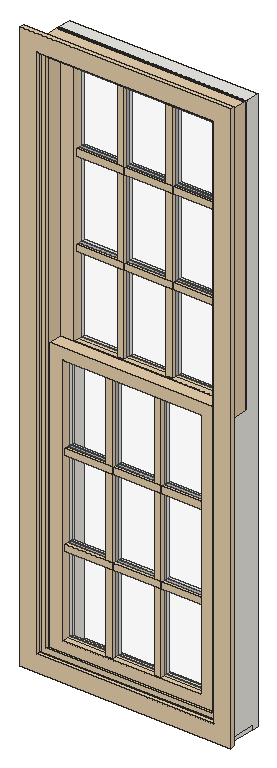
Revit family "Window-Double_Hung-Andersen-400_Series-Tilt_Wash", category Windows, host Wall, Revit 2019 (continued)
Dimensions and locks (in)
  aligned and locked: plane 77 "Sash1 S1" to cut or joined group of Extrusion 9, Extrusion 15  (x2)
  aligned and locked: plane 65 "B Check Rail" to curve 91
  aligned and locked: curve 92 to plane 77 "Sash1 S1"
  aligned and locked: Masking region 2 sketch curve to plane 85 "B Sill Drop"
  aligned and locked: Extrusion 16 sketch curve to plane 85 "B Sill Drop"
  aligned and locked: Extrusion 16 sketch curve to plane 50 "Frame S1"
  aligned and locked: plane 78 "Frame S1.1" to Extrusion 16 sketch curve  (x2)
  aligned and locked: Extrusion 16 sketch curve to plane 6 "B Frame"
  aligned and locked: Extrusion 16 sketch curve to curve 165
  aligned and locked: Extrusion 16 sketch curve to curve 162
  aligned and locked: Extrusion 16 sketch curve to curve 50
  aligned and locked: Masking region 1 to Extrusion 16 sketch curve
  aligned and locked: plane 58 "Glass2 S1" to Extrusion 16 sketch curve
  aligned and locked: Extrusion 16 to plane 5 "L Frame"
  aligned and locked: plane 4 "R Frame" to Extrusion 16
  aligned and locked: cut or joined group of Extrusion 10, Extrusion 12 to Extrusion 17 sketch curve
  aligned and locked: Extrusion 17 sketch curve to plane 42 "B Int Frame"
  aligned and locked: Extrusion 17 sketch curve to plane 63 "Frame S2"  (x2)
  aligned and locked: Extrusion 17 sketch curve to Masking region 1
  aligned and locked: Extrusion 17 to plane 5 "L Frame"
  aligned and locked: plane 4 "R Frame" to Extrusion 17
  aligned and locked: Extrusion 18 sketch curve to plane 4 "R Frame"
  aligned and locked: Extrusion 18 sketch curve to plane 50 "Frame S1"
  aligned and locked: plane 81 "R Ext Frame2" to Extrusion 18 sketch curve
  aligned and locked: Extrusion 16 to Extrusion 18 sketch curve
  aligned and locked: Extrusion 18 sketch curve to plane 79 "Frame S1.2"
  aligned and locked: plane 19 "R Ext Frame" to Extrusion 18 sketch curve
  aligned and locked: plane 58 "Glass2 S1" to Extrusion 18 sketch curve
  aligned and locked: Extrusion 18 sketch curve to plane 5 "L Frame"
  aligned and locked: plane 50 "Frame S1" to Extrusion 18 sketch curve
  aligned and locked: plane 83 "L Ext Frame2" to Extrusion 18 sketch curve
  aligned and locked: Extrusion 18 sketch curve to Extrusion 16
  aligned and locked: plane 79 "Frame S1.2" to Extrusion 18 sketch curve
  aligned and locked: plane 9 "L Ext Frame" to Extrusion 18 sketch curve
  aligned and locked: Extrusion 18 sketch curve to plane 58 "Glass2 S1"
  aligned and locked: plane 6 "B Frame" to Extrusion 18
  aligned and locked: Extrusion 18 to plane 66 "Check Rail"
  aligned and locked: Extrusion 16 sketch curve to plane 7 "T Frame"
  aligned and locked: plane 50 "Frame S1" to Extrusion 16 sketch curve
  aligned and locked: plane 30 "T Ext Frame" to Extrusion 16 sketch curve
  aligned and locked: plane 84 "T Ext Frame1" to Extrusion 16 sketch curve
  aligned and locked: plane 52 "Glass1 S1" to Extrusion 17 sketch curve
  aligned and locked: Extrusion 17 sketch curve to plane 7 "T Frame"
  aligned and locked: plane 31 "T Int Frame" to Extrusion 17 sketch curve
  aligned and locked: plane 62 "Sash2 S2" to Extrusion 17 sketch curve  (x2)
  aligned and locked: plane 32 "T Xjamb 1" to Extrusion 17 sketch curve
  aligned and locked: Extrusion 17 sketch curve to curve 50
  aligned and locked: plane 4 "R Frame" to Extrusion 19 sketch curve
  aligned and locked: Extrusion 19 sketch curve to plane 63 "Frame S2"
  aligned and locked: Extrusion 19 sketch curve to plane 20 "R Int Frame"
  aligned and locked: Extrusion 19 sketch curve to plane 62 "Sash2 S2"
  aligned and locked: plane 58 "Glass2 S1" to Extrusion 19 sketch curve
  aligned and locked: Extrusion 19 sketch curve to plane 58 "Glass2 S1"
  aligned and locked: plane 62 "Sash2 S2" to Extrusion 19 sketch curve
  aligned and locked: Extrusion 19 sketch curve to plane 10 "L Int Frame"
  aligned and locked: plane 63 "Frame S2" to Extrusion 19 sketch curve
  aligned and locked: plane 5 "L Frame" to Extrusion 19 sketch curve
  aligned and locked: plane 41 "B Ext Frame" to Extrusion 19
  aligned and locked: Extrusion 19 to plane 66 "Check Rail"
  aligned and locked: Extrusion 20 sketch curve to plane 4 "R Frame"
  aligned and locked: Extrusion 20 sketch curve to plane 50 "Frame S1"  (x2)
  aligned and locked: plane 81 "R Ext Frame2" to Extrusion 20 sketch curve
  aligned and locked: Extrusion 16 to Extrusion 20 sketch curve  (x2)
  aligned and locked: Extrusion 20 sketch curve to Extrusion 18  (x2)
  aligned and locked: Extrusion 20 sketch curve to plane 79 "Frame S1.2"  (x2)
  aligned and locked: plane 19 "R Ext Frame" to Extrusion 20 sketch curve
  aligned and locked: Extrusion 20 sketch curve to plane 83 "L Ext Frame2"
  aligned and locked: plane 5 "L Frame" to Extrusion 20 sketch curve
  aligned and locked: Extrusion 20 sketch curve to plane 9 "L Ext Frame"
  aligned and locked: plane 66 "Check Rail" to Extrusion 20
  aligned and locked: Extrusion 20 to plane 7 "T Frame"
  aligned and locked: plane 77 "Sash1 S1" to Extrusion 20 sketch curve  (x2)
  aligned and locked: plane 77 "Sash1 S1" to Extrusion 18 sketch curve
  aligned and locked: Extrusion 18 sketch curve to plane 77 "Sash1 S1"
  aligned and locked: plane 82 "L Ext Frame1" to Extrusion 18 sketch curve
  aligned and locked: plane 80 "R Ext Frame1" to Extrusion 18 sketch curve
  aligned and locked: plane 82 "L Ext Frame1" to Extrusion 11 sketch curve
  aligned and locked: Extrusion 11 sketch curve to plane 80 "R Ext Frame1"
  aligned and locked: Extrusion 16 sketch curve to plane 77 "Sash1 S1"
  aligned and locked: cut or joined group of Extrusion 9, Extrusion 15 to plane 82 "L Ext Frame1"
  aligned and locked: plane 80 "R Ext Frame1" to cut or joined group of Extrusion 9, Extrusion 15
  aligned and locked: plane 82 "L Ext Frame1" to Extrusion 9 sketch curve
  aligned and locked: Extrusion 9 sketch curve to plane 80 "R Ext Frame1"
  aligned and locked: Extrusion 21 sketch curve to plane 52 "Glass1 S1"  (x2)
  aligned and locked: Extrusion 21 sketch curve to plane 4 "R Frame"
  aligned and locked: plane 63 "Frame S2" to Extrusion 21 sketch curve  (x2)
  aligned and locked: plane 20 "R Int Frame" to Extrusion 21 sketch curve
  aligned and locked: plane 62 "Sash2 S2" to Extrusion 21 sketch curve  (x2)
  aligned and locked: plane 80 "R Ext Frame1" to Extrusion 21 sketch curve
  aligned and locked: Extrusion 21 sketch curve to plane 82 "L Ext Frame1"
  aligned and locked: Extrusion 21 sketch curve to plane 10 "L Int Frame"
  aligned and locked: plane 5 "L Frame" to Extrusion 21 sketch curve
  aligned and locked: plane 66 "Check Rail" to Extrusion 21
  aligned and locked: Extrusion 21 to plane 7 "T Frame"
  aligned and locked: Extrusion 19 sketch curve to plane 82 "L Ext Frame1"
  aligned and locked: Extrusion 19 sketch curve to plane 80 "R Ext Frame1"
  aligned and locked: plane 80 "R Ext Frame1" to Extrusion 8 sketch curve
  aligned and locked: Extrusion 8 sketch curve to plane 82 "L Ext Frame1"
  aligned and locked: plane 80 "R Ext Frame1" to cut or joined group of Extrusion 10, Extrusion 12
  aligned and locked: cut or joined group of Extrusion 10, Extrusion 12 to plane 82 "L Ext Frame1"
  aligned and locked: Extrusion 10 sketch curve to plane 82 "L Ext Frame1"
  aligned and locked: plane 80 "R Ext Frame1" to Extrusion 10 sketch curve
  aligned and locked: Extrusion 22 sketch curve to plane 5 "L Frame"
  aligned and locked: plane 85 "B Sill Drop" to Extrusion 22 sketch curve
  aligned and locked: plane 4 "R Frame" to Extrusion 22 sketch curve
  aligned and locked: Extrusion 22 sketch curve to plane 66 "Check Rail"  (x2)
  aligned and locked: plane 9 "L Ext Frame" to Extrusion 22 sketch curve
  aligned and locked: Extrusion 22 sketch curve to plane 41 "B Ext Frame"
  aligned and locked: Extrusion 22 sketch curve to plane 19 "R Ext Frame"
  aligned and locked: Extrusion 22 to plane 58 "Glass2 S1"
  aligned and locked: plane 50 "Frame S1" to Extrusion 22
  aligned and locked: Extrusion 23 sketch curve to plane 66 "Check Rail"  (x2)
  aligned and locked: Extrusion 23 sketch curve to plane 4 "R Frame"
  aligned and locked: plane 7 "T Frame" to Extrusion 23 sketch curve
  aligned and locked: plane 5 "L Frame" to Extrusion 23 sketch curve
  aligned and locked: Extrusion 23 sketch curve to plane 9 "L Ext Frame"
  aligned and locked: Extrusion 23 sketch curve to plane 84 "T Ext Frame1"
  aligned and locked: plane 19 "R Ext Frame" to Extrusion 23 sketch curve
  aligned and locked: Extrusion 23 to plane 52 "Glass1 S1"
  aligned and locked: plane 50 "Frame S1" to Extrusion 23
  aligned and locked: plane 36 "T Casing 2" to curve 2
  aligned and locked: plane 37 "T Casing 3" to curve 1
  aligned and locked: plane 48 "Casing S1" to curve 1
Automatic sketch dimensions
  curve 12 to curve 12 = 0' - 1 1/2"
  curve 15 to curve 15 = 0' - 1 1/2"
  curve 14 to curve 14 = 0' - 1 1/2"
  curve 17 to curve 17 = 0' - 1 1/2"
  curve 118 to curve 118 = 0' - 1 1/2"
  curve 52 to curve 51 = 0' - 0 5/16"
  curve 51 to curve 53 = 0' - 0 5/8"
  curve 53 to curve 56 = 0' - 0 5/8"
  curve 56 to curve 167 = 0' - 0 1/8"
  curve 55 to curve 159 = 0' - 0 11/32"
  curve 157 to curve 165 = 0' - 3.60815"
  curve 52 to curve 52 = 0' - 0 3/16"  (x2)
  curve 53 to curve 70 = 0' - 0 1/8"
  curve 70 to curve 56 = 0' - 0 1/8"  (x2)
  curve 162 to curve 165 = 0' - 0.39185"
  curve 162 to curve 162 = 0' - 0 13/32"
  curve 50 to curve 51 = 0' - 1.30328"
  curve 50 to curve 161 = 0' - 0.78173"
  curve 161 to curve 159 = 0' - 0.4663"
  curve 167 to curve 54 = 0' - 0.30345"
  curve 55 to curve 159 = 0' - 0.07155"
  curve 58 to curve 57 = 0' - 0 7/16"
  curve 54 to curve 53 = 0' - 0.50905"
  curve 57 to curve 57 = 0' - 0.1587"
  curve 53 to curve 56 = 0' - 0"
  curve 165 to curve 162 = 0' - 0.10248"
  curve 68 to curve 56 = 0' - 0"
  curve 53 to curve 69 = 0' - 0"
  curve 61 to curve 60 = 0' - 0 5/16"
  curve 60 to curve 62 = 0' - 0 5/8"
  curve 62 to curve 65 = 0' - 0 5/8"
  curve 65 to curve 168 = 0' - 0 1/8"
  curve 64 to curve 160 = 0' - 0 11/32"
  curve 158 to curve 166 = 0' - 3.60815"
  curve 61 to curve 61 = 0' - 0 3/16"  (x2)
  curve 62 to curve 73 = 0' - 0 1/8"
  curve 73 to curve 65 = 0' - 0 1/8"  (x2)
  curve 164 to curve 166 = 0' - 0.39185"
  curve 164 to curve 164 = 0' - 0 13/32"
  curve 59 to curve 60 = 0' - 1.30328"
  curve 59 to curve 163 = 0' - 0.78173"
  curve 163 to curve 160 = 0' - 0.4663"
  curve 168 to curve 63 = 0' - 0.30345"
  curve 64 to curve 160 = 0' - 0.07155"
  curve 67 to curve 66 = 0' - 0 7/16"
  curve 63 to curve 62 = 0' - 0.50905"
  curve 66 to curve 66 = 0' - 0.1587"
  curve 62 to curve 65 = 0' - 0"
  curve 166 to curve 164 = 0' - 0.10248"
  curve 71 to curve 65 = 0' - 0"
  curve 62 to curve 72 = 0' - 0"
  curve 30 to curve 155 = 0' - 0 7/32"
  curve 29 to curve 23 = 0' - 1 15/16"
  curve 22 to curve 21 = 0' - 0 5/8"
  curve 21 to curve 19 = 0' - 0 5/8"
  curve 19 to curve 152 = 0' - 0 1/8"
  curve 152 to curve 151 = 0' - 0 7/32"
  curve 27 to curve 25 = 0' - 1 1/32"
  curve 30 to curve 30 = 0' - 0 9/32"  (x2)
  curve 21 to curve 46 = 0' - 0 1/8"
  curve 46 to curve 18 = 0' - 0 1/8"
  curve 24 to curve 24 = 0' - 0 13/16"
  curve 22 to curve 18 = 0' - 0"
  curve 18 to curve 27 = 0' - 0 5/32"
  curve 21 to curve 22 = 0' - 0 5/32"
  curve 21 to curve 20 = 0' - 0 5/8"
  curve 20 to curve 151 = 0' - 0 1/4"
  curve 22 to curve 155 = 0' - 0 3/4"
  curve 25 to curve 24 = 0' - 0 5/16"
  curve 29 to curve 28 = 0' - 0 21/32"
  curve 21 to curve 45 = 0' - 0"
  curve 44 to curve 18 = 0' - 0"
  curve 45 to curve 46 = 0' - 0 1/8"
  curve 152 to curve 26 = 0' - 0 1/8"
  curve 43 to curve 156 = 0' - 0 7/32"
  curve 42 to curve 36 = 0' - 1 15/16"
  curve 35 to curve 34 = 0' - 0 5/8"
  curve 34 to curve 32 = 0' - 0 5/8"
  curve 32 to curve 154 = 0' - 0 1/8"
  curve 154 to curve 153 = 0' - 0 7/32"
  curve 40 to curve 38 = 0' - 1 1/32"
  curve 43 to curve 43 = 0' - 0 9/32"  (x2)
  curve 34 to curve 49 = 0' - 0 1/8"
  curve 49 to curve 31 = 0' - 0 1/8"
  curve 37 to curve 37 = 0' - 0 13/16"
  curve 35 to curve 31 = 0' - 0"
  curve 31 to curve 40 = 0' - 0 5/32"
  curve 34 to curve 35 = 0' - 0 5/32"
  curve 34 to curve 33 = 0' - 0 5/8"
  curve 33 to curve 153 = 0' - 0 1/4"
  curve 35 to curve 156 = 0' - 0 3/4"
  curve 38 to curve 37 = 0' - 0 5/16"
  curve 42 to curve 41 = 0' - 0 21/32"
  curve 34 to curve 48 = 0' - 0"
  curve 47 to curve 31 = 0' - 0"
  curve 48 to curve 49 = 0' - 0 1/8"
  curve 154 to curve 39 = 0' - 0 1/8"
  curve 128 to curve 133 = 0' - 0 13/16"
  curve 131 to curve 135 = 0' - 0 7/32"
  curve 129 to curve 130 = 0' - 0 7/16"
  curve 132 to curve 134 = 0' - 0 1/8"
  curve 122 to curve 121 = 0' - 0 5/8"
  curve 120 to curve 119 = 0' - 0 5/8"
  curve 119 to curve 148 = 0' - 0 11/32"
  curve 147 to curve 141 = 0' - 0 11/32"
  curve 141 to curve 138 = 0' - 0 5/8"
  curve 139 to curve 150 = 0' - 0 5/8"
  curve 137 to curve 150 = 0' - 0.21984"
  curve 127 to curve 127 = 0' - 0 13/16"
  curve 123 to curve 126 = 0' - 0 1/8"
  curve 125 to curve 121 = 0' - 0 1/8"
  curve 119 to curve 145 = 0' - 0 9/16"
  curve 141 to curve 144 = 0' - 0 1/8"
  curve 143 to curve 138 = 0' - 0 1/8"
  curve 149 to curve 149 = 0' - 0.28016"
  curve 127 to curve 128 = 0' - 0.27468"
  curve 128 to curve 149 = 0' - 0.25657"
  curve 128 to curve 131 = 0' - 0.31907"
  curve 129 to curve 132 = 0' - 0 3/16"
  curve 129 to curve 133 = 0' - 0 15/32"
  curve 131 to curve 136 = 0' - 0 9/16"
  curve 145 to curve 148 = 0' - 0 27/32"
  curve 123 to curve 121 = 0' - 0 9/32"
  curve 146 to curve 140 = 0' - 0 9/32"
  curve 121 to curve 119 = 0' - 0 7/16"
  curve 139 to curve 138 = 0' - 0 7/16"
  curve 122 to curve 136 = 0' - 0 7/16"
  curve 147 to curve 119 = 0' - 0"
  curve 135 to curve 135 = 0' - 0.15312"
  curve 147 to curve 147 = 0' - 0.15312"
  curve 121 to curve 120 = 0' - 0 19/32"
  curve 139 to curve 139 = 0' - 0 19/32"
  curve 149 to curve 149 = 0' - 0.33388"
  curve 144 to curve 141 = 0' - 0.12187"
  curve 126 to curve 120 = 0' - 0 1/8"
  curve 144 to curve 143 = 0' - 0 1/8"
  curve 144 to curve 142 = 0' - 0 1/8"
  curve 126 to curve 124 = 0' - 0 1/8"
  curve 126 to curve 125 = 0' - 0 1/8"
  curve 13 to curve 13 = 0' - 0 11/32"
  curve 13 to curve 13 = 0' - 0 5/32"
  curve 16 to curve 16 = 0' - 0 11/32"
  curve 16 to curve 16 = 0' - 0 5/32"
  curve 74 to curve 75 = 0' - 0 5/8"
  curve 76 to curve 78 = 0' - 0 5/8"
  curve 78 to curve 80 = 0' - 0 11/32"
  curve 85 to curve 170 = 0' - 0 5/8"
  curve 84 to curve 91 = 0' - 0 1/8"
  curve 169 to curve 92 = 0' - 0 7/32"
  curve 75 to curve 82 = 0' - 0 1/8"
  curve 81 to curve 78 = 0' - 0 1/8"
  curve 85 to curve 89 = 0' - 0 1/8"
  curve 88 to curve 84 = 0' - 0 1/8"
  curve 75 to curve 78 = 0' - 0"
  curve 75 to curve 74 = 0' - 0 5/32"
  curve 91 to curve 170 = 0' - 0 5/8"
  curve 78 to curve 77 = 0' - 0.66775"
  curve 84 to curve 85 = 0' - 0.18125"
  curve 76 to curve 74 = 0' - 0.70725"
  curve 75 to curve 82 = 0' - 0"
  curve 81 to curve 78 = 0' - 0"
  curve 81 to curve 83 = 0' - 0 1/8"
  curve 85 to curve 92 = 0' - 0.5375"
  curve 90 to curve 86 = 0' - 0 1/8"
  curve 90 to curve 89 = 0' - 0 1/8"
  curve 90 to curve 88 = 0' - 0 1/8"
  curve 88 to curve 84 = 0' - 0"
  curve 80 to curve 93 = 0' - 0.56375"
  curve 87 to curve 85 = 0' - 0.405"
  curve 87 to curve 87 = 0' - 0 1/8"
  curve 94 to curve 95 = 0' - 0 5/8"
  curve 96 to curve 98 = 0' - 0 5/8"
  curve 98 to curve 100 = 0' - 0 11/32"
  curve 105 to curve 172 = 0' - 0 5/8"
  curve 104 to curve 111 = 0' - 0 1/8"
  curve 171 to curve 112 = 0' - 0 7/32"
  curve 95 to curve 102 = 0' - 0 1/8"
  curve 101 to curve 98 = 0' - 0 1/8"
  curve 105 to curve 109 = 0' - 0 1/8"
  curve 108 to curve 104 = 0' - 0 1/8"
  curve 95 to curve 98 = 0' - 0"
  curve 95 to curve 94 = 0' - 0 5/32"
  curve 111 to curve 172 = 0' - 0 5/8"
  curve 98 to curve 97 = 0' - 0.66775"
  curve 104 to curve 105 = 0' - 0.18125"
  curve 96 to curve 94 = 0' - 0.70725"
  curve 95 to curve 102 = 0' - 0"
  curve 101 to curve 98 = 0' - 0"
  curve 101 to curve 103 = 0' - 0 1/8"
  curve 105 to curve 112 = 0' - 0.5375"
  curve 110 to curve 106 = 0' - 0 1/8"
  curve 110 to curve 109 = 0' - 0 1/8"
  curve 110 to curve 108 = 0' - 0 1/8"
  curve 108 to curve 104 = 0' - 0"
  curve 100 to curve 113 = 0' - 0.56375"
  curve 107 to curve 105 = 0' - 0.405"
  curve 107 to curve 107 = 0' - 0 1/8"
  plane 85 "B Sill Drop" to Masking region 1 sketch curve = 0' - 0"
  plane 52 "Glass1 S1" to Masking region 1 sketch curve = 0' - 0.0989"
  Masking region 1 sketch curve to plane 46 "B Int Casing" = 0' - 0.80279"
  Masking region 1 sketch curve to plane 78 "Frame S1.1" = 0' - 0 5/32"
  Extrusion 15 sketch curve to plane 77 "Sash1 S1" = 0' - 0"
  Extrusion 18 sketch curve to plane 80 "R Ext Frame1" = 0' - 0"
  Extrusion 18 sketch curve to plane 82 "L Ext Frame1" = 0' - 0"
  plane 20 "R Int Frame" to Extrusion 18 sketch curve = 0' - 0.25657"
  Extrusion 18 sketch curve to plane 10 "L Int Frame" = 0' - 0.25657"
Nested families (in)
  nested 1: "Andersen Grille Bar" at (0, 0.75, 63.09375) x (-1, 0, 0) z (0, 1, 0), Center Line <- "Bar Center Line", Bar Length <- "TS V Bar Length", Bar Width <- "Grille Bar Size", visible <- "TS S V", type "Andersen Grille Bar"
    with Glass / 2 0' - 0 1/8", Glass 0' - 0 5/8", Center Line Length 2' - 10 5/16", Center Line 2, Bar Width 0' - 0 7/8", Bar Length 2' - 10 5/16"
  nested 2: "Andersen Grille Bar" at (0, -1.1875, 27.28125) x (-1, 0, 0) z (0, 1, 0), Bar Length <- "BS V DLO", Bar Width <- "Grille Bar Size", visible <- "BS S V", type "Andersen Grille Bar"
    with Glass / 2 0' - 0 1/8", Glass 0' - 0 5/8", Center Line Length 2' - 10 5/16", Center Line 2, Bar Width 0' - 0 7/8", Bar Length 2' - 10 5/16"
  nested 3: "Andersen Grille Bar" at (0, 0.75, 63.09375) x (0, 0, -1) z (0, 1, 0), Bar Length <- "H DLO", visible <- "TS S H", Bar Width <- "Grille Bar Size", type "Andersen Grille Bar"
    with Glass / 2 0' - 0 1/8", Glass 0' - 0 5/8", Center Line Length 1' - 7", Center Line 2, Bar Width 0' - 0 7/8", Bar Length 1' - 7"
  nested 4: "Andersen Grille Bar" at (0, -1.1875, 27.28125) x (0, 0, -1) z (0, 1, 0), Bar Length <- "H DLO", Bar Width <- "Grille Bar Size", visible <- "BS S H", type "Andersen Grille Bar"
    with Glass / 2 0' - 0 1/8", Glass 0' - 0 5/8", Center Line Length 1' - 7", Center Line 2, Bar Width 0' - 0 7/8", Bar Length 1' - 7"
  nested 5: "Andersen Grille Bar" at (3.3125, 0.75, 63.09375) x (-1, 0, 0) z (0, 1, 0), Center Line <- "Bar Center Line", Bar Length <- "TS V Bar Length", Bar Width <- "Grille Bar Size", visible <- "TS M V", type "Andersen Grille Bar"
    with Glass / 2 0' - 0 1/8", Glass 0' - 0 5/8", Center Line Length 2' - 10 5/16", Center Line 2, Bar Width 0' - 0 7/8", Bar Length 2' - 10 5/16"
  nested 6: "Andersen Grille Bar" at (0, 0.75, 57.22917) x (0, 0, -1) z (0, 1, 0), Center Line <- "Bar Center Line", Bar Length <- "H DLO", visible <- "TS M H", Bar Width <- "Grille Bar Size", type "Andersen Grille Bar"
    with Glass / 2 0' - 0 1/8", Glass 0' - 0 5/8", Center Line Length 1' - 7", Center Line 2, Bar Width 0' - 0 7/8", Bar Length 1' - 7"
  nested 7: "Andersen Grille Bar" at (3.3125, -1.1875, 27.28125) x (-1, 0, 0) z (0, 1, 0), Center Line <- "Bar Center Line", Bar Length <- "BS V DLO", Bar Width <- "Grille Bar Size", visible <- "BS M V", type "Andersen Grille Bar"
    with Glass / 2 0' - 0 1/8", Glass 0' - 0 5/8", Center Line Length 2' - 10 5/16", Center Line 2, Bar Width 0' - 0 7/8", Bar Length 2' - 10 5/16"
  nested 8: "Andersen Grille Bar" at (0, -1.1875, 21.41667) x (0, 0, -1) z (0, 1, 0), Center Line <- "Bar Center Line", Bar Length <- "H DLO", Bar Width <- "Grille Bar Size", visible <- "BS M H", type "Andersen Grille Bar"
    with Glass / 2 0' - 0 1/8", Glass 0' - 0 5/8", Center Line Length 1' - 7", Center Line 2, Bar Width 0' - 0 7/8", Bar Length 1' - 7"
  nested 9: "Andersen Grille Bar" at (-3.3125, 0.75, 63.09375) x (-1, 0, 0) z (0, 1, 0), Center Line <- "Bar Center Line", Bar Length <- "TS V Bar Length", Bar Width <- "Grille Bar Size", visible <- "TS M V", type "Andersen Grille Bar"
    with Glass / 2 0' - 0 1/8", Glass 0' - 0 5/8", Center Line Length 2' - 10 5/16", Center Line 2, Bar Width 0' - 0 7/8", Bar Length 2' - 10 5/16"
  nested 10: "Andersen Grille Bar" at (-3.3125, -1.1875, 27.28125) x (-1, 0, 0) z (0, 1, 0), Center Line <- "Bar Center Line", Bar Length <- "BS V DLO", Bar Width <- "Grille Bar Size", visible <- "BS M V", type "Andersen Grille Bar"
    with Glass / 2 0' - 0 1/8", Glass 0' - 0 5/8", Center Line Length 2' - 10 5/16", Center Line 2, Bar Width 0' - 0 7/8", Bar Length 2' - 10 5/16"
  nested 11: "Andersen Grille Bar" at (0, -1.1875, 33.14583) x (0, 0, -1) z (0, 1, 0), Center Line <- "Bar Center Line", Bar Length <- "H DLO", Bar Width <- "Grille Bar Size", visible <- "BS M H", type "Andersen Grille Bar"
    with Glass / 2 0' - 0 1/8", Glass 0' - 0 5/8", Center Line Length 1' - 7", Center Line 2, Bar Width 0' - 0 7/8", Bar Length 1' - 7"
  nested 12: "Andersen Grille Bar" at (0, 0.75, 68.95833) x (0, 0, -1) z (0, 1, 0), Center Line <- "Bar Center Line", Bar Length <- "H DLO", visible <- "TS M H", Bar Width <- "Grille Bar Size", type "Andersen Grille Bar"
    with Glass / 2 0' - 0 1/8", Glass 0' - 0 5/8", Center Line Length 1' - 7", Center Line 2, Bar Width 0' - 0 7/8", Bar Length 1' - 7"
  nested 13: "Andersen Grille Bar" at (0, 0.75, 63.09375) x (0, 0, -1) z (0, 1, 0), Bar Length <- "H DLO", visible <- "TS S H Craftsman", Bar Width <- "Grille Bar Size", type "Andersen Grille Bar"
    with Glass / 2 0' - 0 1/8", Glass 0' - 0 5/8", Center Line Length 1' - 7", Center Line 2, Bar Width 0' - 0 7/8", Bar Length 1' - 7"
Definition of nested family "Andersen Grille Bar"
  Parameters
    Interior Bar Visibility = yes
    Interior Bar Material = none
    Glass / 2 [instance] = (Glass / 2) - 0' 0 3/16"  # 0' - 0 1/8"
    Glass [instance] = 0' - 0 5/8"
    Exterior Bar Visibility = yes
    Exterior Bar Finish = none
    Default Elevation = 4' - 0"
    Center Line Length [instance] = if(Center Line = 1, Bar Length + (Bar Width / 2), Bar Length)  # 0' - 4 7/16"
    Center Line [instance] = 1
    Between Glass Bar Visibility = yes
    Between Glass Bar Finish = none
    Bar Width [instance] = 0' - 0 7/8"
    Bar Length [instance] = 0' - 4"
  Reference planes (in)
    plane 1 "Center (Front/Back)": y = 0
    plane 2 "a": z = 0
    plane 3 "Center (Left/Right)": x = 0
    plane 4 "1": x = -0.4375
    plane 5 "2": x = 0.4375
    plane 6: y = 2
    plane 7: y = -2
    plane 8 "b": z = -0.625
    plane 9: z = -0.125
    plane 10: y = -2.4375
    plane 11 "a1": z = 12
    plane 12 "a2": z = -12
  Forms (in)
    Extrusion 1, solid
      sketch origin (0, 0, 0) x (1, 0, 0) y (0, 1, 0)
        loop
          line (-48, 48) -> (-48, -48) -> (48, -48) -> (48, 48) -> (-48, 48)
      from 0 to -12
    Extrusion 2, solid, material <- "Exterior Bar Finish", visible <- "Exterior Bar Visibility", detail levels fine
      sketch origin (0, 0, 0) x (1, 0, 0) y (0, 1, 0)
        loop
          line (-0.4375, 2) -> (-0.4375, -2) -> (0.4375, -2) -> (0.4375, 2) -> (-0.4375, 2)
      from 0 to 0.375
    Extrusion 3, solid, material <- "Between Glass Bar Finish", visible <- "Between Glass Bar Visibility", detail levels fine
      sketch origin (0, 0, 0) x (1, 0, 0) y (0, 1, 0)
        loop
          line (-0.4375, 2) -> (-0.4375, -2) -> (0.4375, -2) -> (0.4375, 2) -> (-0.4375, 2)
      from -0.5 to -0.125
    Extrusion 4, solid, material <- "Interior Bar Material", visible <- "Interior Bar Visibility", detail levels fine
      sketch origin (0, 0, 0) x (1, 0, 0) y (0, 1, 0)
        loop
          line (-0.4375, 2) -> (-0.4375, -2) -> (0.4375, -2) -> (0.4375, 2) -> (-0.4375, 2)
      from -1 to -0.625
  Lines and regions (in)
    model lines, detail levels coarse+medium
      curve 1: line (0, 2, 0) -> (0, -2.4375, 0)
    symbolic lines, detail levels coarse+medium
      curve 2: line (0, 2, 12) -> (0, -2.4375, 12)
      curve 3: line (0, 2, -12) -> (0, -2.4375, -12)
    model lines, not visible, detail levels coarse
      curve 4: line (0, 0, 12) -> (0, 0, -12)
    symbolic lines, detail levels fine
      curve 5: line (-0.4375, 2, 0) -> (-0.4375, -2, 0)
      curve 6: line (0.4375, 2, 0) -> (0.4375, -2, 0)
  Dimensions and locks (in)
    "Glass": plane 2 "a" to plane 8 "b"
    "Glass / 2": plane 2 "a" to plane 9
    locked: Extrusion 2 to Extrusion 2 at 0.375
    locked: plane 9 to Extrusion 3 at 0.375
    locked: plane 8 "b" to Extrusion 4 at 0.375
    equal spacing: plane 4 "1", plane 3 "Center (Left/Right)", plane 5 "2"
    equal spacing: plane 6, plane 1 "Center (Front/Back)", plane 7
    "Bar Width": plane 4 "1" to plane 5 "2"
    "Bar Length": plane 6 to plane 7
    "Center Line Length": plane 6 to plane 10
    locked: plane 11 "a1" to plane 2 "a" at 12
    locked: plane 2 "a" to plane 12 "a2" at 12
    aligned and locked: plane 2 "a" to Extrusion 1
    aligned and locked: level to Extrusion 1
    aligned and locked: Extrusion 2 to plane 2 "a"
    aligned and locked: Extrusion 2 to plane 4 "1"
    aligned and locked: plane 5 "2" to Extrusion 2
    aligned and locked: plane 6 to Extrusion 2
    aligned and locked: Extrusion 2 to plane 7
    aligned and locked: plane 9 to Extrusion 3
    aligned and locked: Extrusion 3 to plane 4 "1"
    aligned and locked: plane 5 "2" to Extrusion 3
    aligned and locked: plane 6 to Extrusion 3
    aligned and locked: Extrusion 3 to plane 7
    aligned and locked: plane 8 "b" to Extrusion 4
    aligned and locked: Extrusion 4 to plane 4 "1"
    aligned and locked: plane 5 "2" to Extrusion 4
    aligned and locked: plane 6 to Extrusion 4
    aligned and locked: Extrusion 4 to plane 7
    aligned and locked: plane 6 to curve 1
    aligned and locked: plane 10 to curve 1
    aligned and locked: curve 1 to plane 3 "Center (Left/Right)"
    aligned and locked: plane 6 to curve 2
    aligned and locked: plane 10 to curve 2
    aligned and locked: curve 2 to plane 3 "Center (Left/Right)"
    aligned and locked: plane 6 to curve 3
    aligned and locked: plane 10 to curve 3
    aligned and locked: curve 3 to plane 3 "Center (Left/Right)"
    aligned and locked: plane 11 "a1" to curve 4
    aligned and locked: plane 12 "a2" to curve 4
    aligned and locked: curve 4 to plane 1 "Center (Front/Back)"
    aligned and locked: plane 6 to curve 5
    aligned and locked: plane 6 to curve 6
    aligned and locked: plane 7 to curve 6
    aligned and locked: plane 7 to curve 5
    aligned and locked: curve 5 to plane 4 "1"
    aligned and locked: curve 6 to plane 5 "2"
  Automatic sketch dimensions
    Extrusion 1 sketch curve to Extrusion 1 sketch curve = 8' - 0"  (x2)
    plane 7 to Extrusion 2 sketch curve = 0' - 0"
    Extrusion 2 sketch curve to plane 5 "2" = 0' - 0 7/8"
    Extrusion 2 sketch curve to plane 6 = 0' - 0"
    Extrusion 2 sketch curve to Extrusion 2 sketch curve = 0' - 0 7/8"
    plane 7 to Extrusion 3 sketch curve = 0' - 0"
    Extrusion 3 sketch curve to plane 5 "2" = 0' - 0 7/8"
    Extrusion 3 sketch curve to plane 6 = 0' - 0"
    Extrusion 3 sketch curve to Extrusion 3 sketch curve = 0' - 0 7/8"
    Extrusion 4 sketch curve to plane 7 = 0' - 0"
    Extrusion 4 sketch curve to plane 5 "2" = 0' - 0 7/8"
    Extrusion 4 sketch curve to plane 6 = 0' - 0"
    Extrusion 4 sketch curve to Extrusion 4 sketch curve = 0' - 0 7/8"
Types (20): name | Thermal Resistance (R) | Sill MO Offset | LWide | Interior Material | Heat Transfer Coefficient (U) | Head MO Offset | Glazing Material | Exterior Unit Finish | . . Lights Wide | . . Top Sash Lights High | . . Bottom Sash Lights High | Enter Exterior Trim Number | Void Offset 2 | Void Offset 1 | VGB DLO | V Bars | TS V DLO | TS V Bar Length | TS SH DLO | TS S V | TS M V | TS M H | TS HGB DLO | Rough Width | Rough Height | Plan Exterior Mask 2 | Plan Exterior Mask | Nail Fin Visibility | Masonry Width | Masonry Height | Height | H DLO | Exterior Trim Finish | Designation | Default Sill Height | Wall Closure | Width | Check Rail Location | Casing Visibility | Between Glass Grille Bar Finish | BS V DLO | BS SH DLO | BS S V | BS M V | BS M H | BS HGB DLO
  25-5/8" x 76-7/8" | 3.3300 (h·ft²·°F)/BTU | 0' - 0 1/4" | 3 | Wood - Andersen - Pine | 0.3000 BTU/(h·ft²·°F) | 0' - 0 1/4" | Glass ‐ Andersen - Low-E4 SmartSun | Vinyl - Andersen - White | 3 | 3 | 3 | 0 | 0' - 0" | 0' - 0" | 0' - 5 3/4" | 2 | 2' - 10 5/16" | 2' - 10 5/16" | 1' - 7 13/32" | no | yes | yes | 0' - 10.85417" | 2' - 2 1/8" | 6' - 5 3/8" | 0' - 1 3/8" | 0' - 1 1/16" | yes | 2' - 2 1/8" | 6' - 5 3/8" | 6' - 4 7/8" | 1' - 7" | Fibrex Composite - Andersen - White | "TW2062" | 0' - 5 1/8" | By host | 2' - 1 5/8" | 2' - 10 5/16" | no | Stainless Steel - Andersen - Standard | 2' - 10 5/16" | 1' - 9 21/32" | no | yes | yes | 0' - 10.85417"
  1 | 0.58645 m²·K/W | 0' - 2 3/16" | 1 | WHITE TRIM | 1.7035 W/(m²·K) | 0' - 4 1/2" | Glass | WHITE TRIM | 1 | 1 | 1 | 4 | 0' - 1 15/16" | 0' - 4 1/4" | 0' - 7 7/8" | 2 | 2' - 10 7/8" | 3' - 10.49995" | 1' - 7 11/16" | no | no | no | 0' - 4" | 2' - 8 1/2" | 6' - 6 1/2" | 0' - 0 3/16" | 0' - 1 1/4" | no | 3' - 5" | 7' - 0 11/16" | 6' - 6" | 2' - 1 3/8" | WHITE TRIM | "TW3862" | 0' - 4" | (empty or 0) | 2' - 8" | 2' - 10 7/8" | yes | WHITE TRIM | 2' - 10 7/8" | 1' - 9 15/16" | no | no | no | 0' - 4"
  21-5/8" x 92-7/8" | 3.3300 (h·ft²·°F)/BTU | 0' - 0 1/4" | 2 | Wood - Andersen - Pine | 0.3000 BTU/(h·ft²·°F) | 0' - 0 1/4" | Glass ‐ Andersen - Low-E4 SmartSun | Vinyl - Andersen - White | 2 | 3 | 3 | 0 | 0' - 0" | 0' - 0" | 0' - 4.41667" | 2 | 3' - 6 5/16" | 4' - 8.41661" | 1' - 11 13/32" | yes | no | yes | 1' - 6.2222" | 1' - 10 1/8" | 7' - 9 3/8" | 0' - 1 3/8" | 0' - 1 1/16" | yes | 1' - 10 1/8" | 7' - 9 3/8" | 7' - 8 7/8" | 1' - 3" | Fibrex Composite - Andersen - White | "TW1876" | -0' - 10 7/8" | By host | 1' - 9 5/8" | 3' - 6 5/16" | no | Stainless Steel - Andersen - Standard | 3' - 6 5/16" | 2' - 1 21/32" | yes | no | yes | 1' - 1.52083"
  25-5/8" x 92-7/8" | 3.3300 (h·ft²·°F)/BTU | 0' - 0 1/4" | 3 | Wood - Andersen - Pine | 0.3000 BTU/(h·ft²·°F) | 0' - 0 1/4" | Glass ‐ Andersen - Low-E4 SmartSun | Vinyl - Andersen - White | 3 | 3 | 3 | 0 | 0' - 0" | 0' - 0" | 0' - 5 3/4" | 2 | 3' - 6 5/16" | 4' - 8.41661" | 1' - 11 13/32" | no | yes | yes | 1' - 6.2222" | 2' - 2 1/8" | 7' - 9 3/8" | 0' - 1 3/8" | 0' - 1 1/16" | yes | 2' - 2 1/8" | 7' - 9 3/8" | 7' - 8 7/8" | 1' - 7" | Fibrex Composite - Andersen - White | "TW2076" | -0' - 10 7/8" | By host | 2' - 1 5/8" | 3' - 6 5/16" | no | Stainless Steel - Andersen - Standard | 3' - 6 5/16" | 2' - 1 21/32" | no | yes | yes | 1' - 1.52083"
  29-5/8" x 92-7/8" | 3.3300 (h·ft²·°F)/BTU | 0' - 0 1/4" | 1 | Wood - Andersen - Pine | 0.3000 BTU/(h·ft²·°F) | 0' - 0 1/4" | Glass ‐ Andersen - Low-E4 SmartSun | Vinyl - Andersen - White | 1 | 1 | 1 | 0 | 0' - 0" | 0' - 0" | 0' - 7.08333" | 2 | 3' - 6 5/16" | 4' - 8.41661" | 1' - 11 13/32" | no | no | no | 0' - 4" | 2' - 6 1/8" | 7' - 9 3/8" | 0' - 1 3/8" | 0' - 1 1/16" | yes | 2' - 6 1/8" | 7' - 9 3/8" | 7' - 8 7/8" | 1' - 11" | Fibrex Composite - Andersen - White | "TW2476" | -0' - 10 7/8" | By host | 2' - 5 5/8" | 3' - 6 5/16" | no | Stainless Steel - Andersen - Standard | 3' - 6 5/16" | 2' - 1 21/32" | no | no | no | 0' - 4"
  31-5/8" x 92-7/8" | 3.3300 (h·ft²·°F)/BTU | 0' - 0 1/4" | 1 | Wood - Andersen - Pine | 0.3000 BTU/(h·ft²·°F) | 0' - 0 1/4" | Glass ‐ Andersen - Low-E4 SmartSun | Vinyl - Andersen - White | 1 | 1 | 1 | 0 | 0' - 0" | 0' - 0" | 0' - 7 3/4" | 2 | 3' - 6 5/16" | 4' - 8.41661" | 1' - 11 13/32" | no | no | no | 0' - 4" | 2' - 8 1/8" | 7' - 9 3/8" | 0' - 1 3/8" | 0' - 1 1/16" | yes | 2' - 8 1/8" | 7' - 9 3/8" | 7' - 8 7/8" | 2' - 1" | Fibrex Composite - Andersen - White | "TW2676" | -0' - 10 7/8" | By host | 2' - 7 5/8" | 3' - 6 5/16" | no | Stainless Steel - Andersen - Standard | 3' - 6 5/16" | 2' - 1 21/32" | no | no | no | 0' - 4"
  33-5/8" x 92-7/8" | 3.3300 (h·ft²·°F)/BTU | 0' - 0 1/4" | 1 | Wood - Andersen - Pine | 0.3000 BTU/(h·ft²·°F) | 0' - 0 1/4" | Glass ‐ Andersen - Low-E4 SmartSun | Vinyl - Andersen - White | 1 | 1 | 1 | 0 | 0' - 0" | 0' - 0" | 0' - 8.41667" | 2 | 3' - 6 5/16" | 4' - 8.41661" | 1' - 11 13/32" | no | no | no | 0' - 4" | 2' - 10 1/8" | 7' - 9 3/8" | 0' - 1 3/8" | 0' - 1 1/16" | yes | 2' - 10 1/8" | 7' - 9 3/8" | 7' - 8 7/8" | 2' - 3" | Fibrex Composite - Andersen - White | "TW2876" | -0' - 10 7/8" | By host | 2' - 9 5/8" | 3' - 6 5/16" | no | Stainless Steel - Andersen - Standard | 3' - 6 5/16" | 2' - 1 21/32" | no | no | no | 0' - 4"
  35-5/8" x 92-7/8" | 3.3300 (h·ft²·°F)/BTU | 0' - 0 1/4" | 1 | Wood - Andersen - Pine | 0.3000 BTU/(h·ft²·°F) | 0' - 0 1/4" | Glass ‐ Andersen - Low-E4 SmartSun | Vinyl - Andersen - White | 1 | 1 | 1 | 0 | 0' - 0" | 0' - 0" | 0' - 9.08333" | 2 | 3' - 6 5/16" | 4' - 8.41661" | 1' - 11 13/32" | no | no | no | 0' - 4" | 3' - 0 1/8" | 7' - 9 3/8" | 0' - 1 3/8" | 0' - 1 1/16" | yes | 3' - 0 1/8" | 7' - 9 3/8" | 7' - 8 7/8" | 2' - 5" | Fibrex Composite - Andersen - White | "TW21076" | -0' - 10 7/8" | By host | 2' - 11 5/8" | 3' - 6 5/16" | no | Stainless Steel - Andersen - Standard | 3' - 6 5/16" | 2' - 1 21/32" | no | no | no | 0' - 4"
  37-5/8" x 92-7/8" | 3.3300 (h·ft²·°F)/BTU | 0' - 0 1/4" | 4 | Wood - Andersen - Pine | 0.3000 BTU/(h·ft²·°F) | 0' - 0 1/4" | Glass ‐ Andersen - Low-E4 SmartSun | Vinyl - Andersen - White | 4 | 3 | 3 | 0 | 0' - 0" | 0' - 0" | 0' - 7 3/32" | 3 | 3' - 6 5/16" | 4' - 8.41661" | 1' - 11 13/32" | no | yes | yes | 1' - 6.2222" | 3' - 2 1/8" | 7' - 9 3/8" | 0' - 1 3/8" | 0' - 1 1/16" | yes | 3' - 2 1/8" | 7' - 9 3/8" | 7' - 8 7/8" | 2' - 7" | Fibrex Composite - Andersen - White | "TW3076" | -0' - 10 7/8" | By host | 3' - 1 5/8" | 3' - 6 5/16" | no | Stainless Steel - Andersen - Standard | 3' - 6 5/16" | 2' - 1 21/32" | no | yes | yes | 1' - 1.52083"
  41-5/8" x 92-7/8" | 3.3300 (h·ft²·°F)/BTU | 0' - 0 1/4" | 4 | Wood - Andersen - Pine | 0.3000 BTU/(h·ft²·°F) | 0' - 0 1/4" | Glass ‐ Andersen - Low-E4 SmartSun | Vinyl - Andersen - White | 4 | 3 | 3 | 0 | 0' - 0" | 0' - 0" | 0' - 8 3/32" | 3 | 3' - 6 5/16" | 4' - 8.41661" | 1' - 11 13/32" | no | yes | yes | 1' - 6.2222" | 3' - 6 1/8" | 7' - 9 3/8" | 0' - 1 3/8" | 0' - 1 1/16" | yes | 3' - 6 1/8" | 7' - 9 3/8" | 7' - 8 7/8" | 2' - 11" | Fibrex Composite - Andersen - White | "TW3476" | -0' - 10 7/8" | By host | 3' - 5 5/8" | 3' - 6 5/16" | no | Stainless Steel - Andersen - Standard | 3' - 6 5/16" | 2' - 1 21/32" | no | yes | yes | 1' - 1.52083"
  45-5/8" x 92-7/8" | 3.3300 (h·ft²·°F)/BTU | 0' - 0 1/4" | 4 | Wood - Andersen - Pine | 0.3000 BTU/(h·ft²·°F) | 0' - 0 1/4" | Glass ‐ Andersen - Low-E4 SmartSun | Vinyl - Andersen - White | 4 | 3 | 3 | 0 | 0' - 0" | 0' - 0" | 0' - 9 3/32" | 3 | 3' - 6 5/16" | 4' - 8.41661" | 1' - 11 13/32" | no | yes | yes | 1' - 6.2222" | 3' - 10 1/8" | 7' - 9 3/8" | 0' - 1 3/8" | 0' - 1 1/16" | yes | 3' - 10 1/8" | 7' - 9 3/8" | 7' - 8 7/8" | 3' - 3" | Fibrex Composite - Andersen - White | "TW3876" | -0' - 10 7/8" | By host | 3' - 9 5/8" | 3' - 6 5/16" | no | Stainless Steel - Andersen - Standard | 3' - 6 5/16" | 2' - 1 21/32" | no | yes | yes | 1' - 1.52083"
  21-5/8" x 76-7/8" | 3.3300 (h·ft²·°F)/BTU | 0' - 0 1/4" | 2 | Wood - Andersen - Pine | 0.3000 BTU/(h·ft²·°F) | 0' - 0 1/4" | Glass ‐ Andersen - Low-E4 SmartSun | Vinyl - Andersen - White | 2 | 3 | 3 | 0 | 0' - 0" | 0' - 0" | 0' - 4.41667" | 2 | 2' - 10 5/16" | 2' - 10 5/16" | 1' - 7 13/32" | yes | no | yes | 0' - 10.85417" | 1' - 10 1/8" | 6' - 5 3/8" | 0' - 1 3/8" | 0' - 1 1/16" | yes | 1' - 10 1/8" | 6' - 5 3/8" | 6' - 4 7/8" | 1' - 3" | Fibrex Composite - Andersen - White | "TW1862" | 0' - 5 1/8" | By host | 1' - 9 5/8" | 2' - 10 5/16" | no | Stainless Steel - Andersen - Standard | 2' - 10 5/16" | 1' - 9 21/32" | yes | no | yes | 0' - 10.85417"
  25-5/8" x 76-7/8" w/ Trim | 0.58645 m²·K/W | 0' - 2 3/16" | 1 | WHITE TRIM | 1.7035 W/(m²·K) | 0' - 4 1/2" | Glass ‐ Andersen - Low-E4 SmartSun | WHITE TRIM | 1 | 1 | 1 | 4 | 0' - 1 15/16" | 0' - 4 1/4" | 0' - 5 3/4" | 2 | 2' - 10 5/16" | 2' - 10 5/16" | 1' - 7 13/32" | no | no | no | 0' - 4" | 2' - 2 1/8" | 6' - 5 3/8" | 0' - 0 3/16" | 0' - 1 1/4" | no | 2' - 10 5/8" | 6' - 11 9/16" | 6' - 4 7/8" | 1' - 7" | WHITE TRIM | "TW2062" | 0' - 5 1/8" | (empty or 0) | 2' - 1 5/8" | 2' - 10 5/16" | yes | WHITE TRIM | 2' - 10 5/16" | 1' - 9 21/32" | no | no | no | 0' - 4"
  29-5/8" x 76-7/8" | 3.3300 (h·ft²·°F)/BTU | 0' - 2 3/16" | 1 | Wood - Andersen - Pine | 0.3000 BTU/(h·ft²·°F) | 0' - 4 1/2" | Glass ‐ Andersen - Low-E4 SmartSun | Vinyl - Andersen - White | 1 | 1 | 1 | 3 | 0' - 1 15/16" | 0' - 4 1/4" | 0' - 7.08333" | 2 | 2' - 10 5/16" | 2' - 10 5/16" | 1' - 7 13/32" | no | no | no | 0' - 4" | 2' - 6 1/8" | 6' - 5 3/8" | 0' - 0 3/16" | 0' - 1 1/4" | no | 3' - 2 5/8" | 6' - 11 9/16" | 6' - 4 7/8" | 1' - 11" | Fibrex Composite - Andersen - White | "TW2462" | 0' - 5 1/8" | By host | 2' - 5 5/8" | 2' - 10 5/16" | yes | Stainless Steel - Andersen - Standard | 2' - 10 5/16" | 1' - 9 21/32" | no | no | no | 0' - 4"
  31-5/8" x 76-7/8" | 3.3300 (h·ft²·°F)/BTU | 0' - 0 1/4" | 3 | Wood - Andersen - Pine | 0.3000 BTU/(h·ft²·°F) | 0' - 0 1/4" | Glass ‐ Andersen - Low-E4 SmartSun | Vinyl - Andersen - White | 3 | 3 | 3 | 0 | 0' - 0" | 0' - 0" | 0' - 7 3/4" | 2 | 2' - 10 5/16" | 2' - 10 5/16" | 1' - 7 13/32" | no | yes | yes | 0' - 10.85417" | 2' - 8 1/8" | 6' - 5 3/8" | 0' - 1 3/8" | 0' - 1 1/16" | yes | 2' - 8 1/8" | 6' - 5 3/8" | 6' - 4 7/8" | 2' - 1" | Fibrex Composite - Andersen - White | "TW2662" | 0' - 5 1/8" | By host | 2' - 7 5/8" | 2' - 10 5/16" | no | Stainless Steel - Andersen - Standard | 2' - 10 5/16" | 1' - 9 21/32" | no | yes | yes | 0' - 10.85417"
  33-5/8" x 76-7/8" | 3.3300 (h·ft²·°F)/BTU | 0' - 0 1/4" | 3 | Wood - Andersen - Pine | 0.3000 BTU/(h·ft²·°F) | 0' - 0 1/4" | Glass ‐ Andersen - Low-E4 SmartSun | Vinyl - Andersen - White | 3 | 3 | 3 | 0 | 0' - 0" | 0' - 0" | 0' - 8.41667" | 2 | 2' - 10 5/16" | 2' - 10 5/16" | 1' - 7 13/32" | no | yes | yes | 0' - 10.85417" | 2' - 10 1/8" | 6' - 5 3/8" | 0' - 1 3/8" | 0' - 1 1/16" | yes | 2' - 10 1/8" | 6' - 5 3/8" | 6' - 4 7/8" | 2' - 3" | Fibrex Composite - Andersen - White | "TW2862" | 0' - 5 1/8" | By host | 2' - 9 5/8" | 2' - 10 5/16" | no | Stainless Steel - Andersen - Standard | 2' - 10 5/16" | 1' - 9 21/32" | no | yes | yes | 0' - 10.85417"
  35-5/8" x 76-7/8" | 3.3300 (h·ft²·°F)/BTU | 0' - 0 1/4" | 3 | Wood - Andersen - Pine | 0.3000 BTU/(h·ft²·°F) | 0' - 0 1/4" | Glass ‐ Andersen - Low-E4 SmartSun | Vinyl - Andersen - White | 3 | 3 | 3 | 0 | 0' - 0" | 0' - 0" | 0' - 9.08333" | 2 | 2' - 10 5/16" | 2' - 10 5/16" | 1' - 7 13/32" | no | yes | yes | 0' - 10.85417" | 3' - 0 1/8" | 6' - 5 3/8" | 0' - 1 3/8" | 0' - 1 1/16" | yes | 3' - 0 1/8" | 6' - 5 3/8" | 6' - 4 7/8" | 2' - 5" | Fibrex Composite - Andersen - White | "TW21062" | 0' - 5 1/8" | By host | 2' - 11 5/8" | 2' - 10 5/16" | no | Stainless Steel - Andersen - Standard | 2' - 10 5/16" | 1' - 9 21/32" | no | yes | yes | 0' - 10.85417"
  37-5/8" x 76-7/8" | 3.3300 (h·ft²·°F)/BTU | 0' - 0 1/4" | 4 | Wood - Andersen - Pine | 0.3000 BTU/(h·ft²·°F) | 0' - 0 1/4" | Glass ‐ Andersen - Low-E4 SmartSun | Vinyl - Andersen - White | 4 | 3 | 3 | 0 | 0' - 0" | 0' - 0" | 0' - 7 3/32" | 3 | 2' - 10 5/16" | 2' - 10 5/16" | 1' - 7 13/32" | no | yes | yes | 0' - 10.85417" | 3' - 2 1/8" | 6' - 5 3/8" | 0' - 1 3/8" | 0' - 1 1/16" | yes | 3' - 2 1/8" | 6' - 5 3/8" | 6' - 4 7/8" | 2' - 7" | Fibrex Composite - Andersen - White | "TW3062" | 0' - 5 1/8" | By host | 3' - 1 5/8" | 2' - 10 5/16" | no | Stainless Steel - Andersen - Standard | 2' - 10 5/16" | 1' - 9 21/32" | no | yes | yes | 0' - 10.85417"
  41-5/8" x 76-7/8" | 3.3300 (h·ft²·°F)/BTU | 0' - 0 1/4" | 4 | Wood - Andersen - Pine | 0.3000 BTU/(h·ft²·°F) | 0' - 0 1/4" | Glass ‐ Andersen - Low-E4 SmartSun | Vinyl - Andersen - White | 4 | 3 | 3 | 0 | 0' - 0" | 0' - 0" | 0' - 8 3/32" | 3 | 2' - 10 5/16" | 2' - 10 5/16" | 1' - 7 13/32" | no | yes | yes | 0' - 10.85417" | 3' - 6 1/8" | 6' - 5 3/8" | 0' - 1 3/8" | 0' - 1 1/16" | yes | 3' - 6 1/8" | 6' - 5 3/8" | 6' - 4 7/8" | 2' - 11" | Fibrex Composite - Andersen - White | "TW3462" | 0' - 5 1/8" | By host | 3' - 5 5/8" | 2' - 10 5/16" | no | Stainless Steel - Andersen - Standard | 2' - 10 5/16" | 1' - 9 21/32" | no | yes | yes | 0' - 10.85417"
  45-5/8" x 76-7/8" | 3.3300 (h·ft²·°F)/BTU | 0' - 0 1/4" | 4 | Wood - Andersen - Pine | 0.3000 BTU/(h·ft²·°F) | 0' - 0 1/4" | Glass ‐ Andersen - Low-E4 SmartSun | Vinyl - Andersen - White | 4 | 3 | 3 | 0 | 0' - 0" | 0' - 0" | 0' - 9 3/32" | 3 | 2' - 10 5/16" | 2' - 10 5/16" | 1' - 7 13/32" | no | yes | yes | 0' - 10.85417" | 3' - 10 1/8" | 6' - 5 3/8" | 0' - 1 3/8" | 0' - 1 1/16" | yes | 3' - 10 1/8" | 6' - 5 3/8" | 6' - 4 7/8" | 3' - 3" | Fibrex Composite - Andersen - White | "TW3862" | 0' - 5 1/8" | By host | 3' - 9 5/8" | 2' - 10 5/16" | no | Stainless Steel - Andersen - Standard | 2' - 10 5/16" | 1' - 9 21/32" | no | yes | yes | 0' - 10.85417"
Types in the file's own list only (99): name | LWide | . . Lights Wide | . . Top Sash Lights High | . . Bottom Sash Lights High | VGB DLO | V Bars | TS V DLO | TS V Bar Length | TS SH DLO | TS S V | TS S H | TS M V | TS M H | TS HGB DLO | Rough Width | Rough Height | Masonry Width | Masonry Height | Height | H DLO | Designation | Default Sill Height | Width | Check Rail Location | BS V DLO | BS SH DLO | BS S V | BS S H | BS M V | BS M H | BS HGB DLO
  21-5/8" x 36-7/8" | 2 | 2 | 2 | 2 | 0' - 4 13/32" | 2 | 1' - 2 5/16" | 1' - 2 5/16" | 0' - 9 13/32" | Yes | Yes | No | No | 0' - 4" | 1' - 10 1/8" | 3' - 1 3/8" | 1' - 10 1/8" | 3' - 1 3/8" | 3' - 0 7/8" | 1' - 3" | "TW18210" | 3' - 9 1/8" | 1' - 9 5/8" | 1' - 2 5/16" | 1' - 2 5/16" | 0' - 11 21/32" | Yes | Yes | No | No | 0' - 4"
  21-5/8" x 40-7/8" | 2 | 2 | 2 | 2 | 0' - 4 13/32" | 2 | 1' - 4 5/16" | 1' - 4 5/16" | 0' - 10 13/32" | Yes | Yes | No | No | 0' - 4" | 1' - 10 1/8" | 3' - 5 3/8" | 1' - 10 1/8" | 3' - 5 3/8" | 3' - 4 7/8" | 1' - 3" | "TW1832" | 3' - 5 1/8" | 1' - 9 5/8" | 1' - 4 5/16" | 1' - 4 5/16" | 1' - 0 21/32" | Yes | Yes | No | No | 0' - 4"
  21-5/8" x 44-7/8" | 2 | 2 | 2 | 2 | 0' - 4 13/32" | 2 | 1' - 6 5/16" | 1' - 6 5/16" | 0' - 11 13/32" | Yes | Yes | No | No | 0' - 4" | 1' - 10 1/8" | 3' - 9 3/8" | 1' - 10 1/8" | 3' - 9 3/8" | 3' - 8 7/8" | 1' - 3" | "TW1836" | 3' - 1 1/8" | 1' - 9 5/8" | 1' - 6 5/16" | 1' - 6 5/16" | 1' - 1 21/32" | Yes | Yes | No | No | 0' - 4"
  21-5/8" x 48-7/8" | 2 | 2 | 2 | 2 | 0' - 4 13/32" | 2 | 1' - 8 5/16" | 1' - 8 5/16" | 1' - 0 13/32" | Yes | Yes | No | No | 0' - 4" | 1' - 10 1/8" | 4' - 1 3/8" | 1' - 10 1/8" | 4' - 1 3/8" | 4' - 0 7/8" | 1' - 3" | "TW18310" | 2' - 9 1/8" | 1' - 9 5/8" | 1' - 8 5/16" | 1' - 8 5/16" | 1' - 2 21/32" | Yes | Yes | No | No | 0' - 4"
  21-5/8" x 52-7/8" | 2 | 2 | 2 | 2 | 0' - 4 13/32" | 2 | 1' - 10 5/16" | 1' - 10 5/16" | 1' - 1 13/32" | Yes | Yes | No | No | 0' - 4" | 1' - 10 1/8" | 4' - 5 3/8" | 1' - 10 1/8" | 4' - 5 3/8" | 4' - 4 7/8" | 1' - 3" | "TW1842" | 2' - 5 1/8" | 1' - 9 5/8" | 1' - 10 5/16" | 1' - 10 5/16" | 1' - 3 21/32" | Yes | Yes | No | No | 0' - 4"
  21-5/8" x 56-7/8" | 2 | 2 | 2 | 2 | 0' - 4 13/32" | 2 | 2' - 0 5/16" | 2' - 0 5/16" | 1' - 2 13/32" | Yes | Yes | No | No | 0' - 4" | 1' - 10 1/8" | 4' - 9 3/8" | 1' - 10 1/8" | 4' - 9 3/8" | 4' - 8 7/8" | 1' - 3" | "TW1846" | 2' - 1 1/8" | 1' - 9 5/8" | 2' - 0 5/16" | 2' - 0 5/16" | 1' - 4 21/32" | Yes | Yes | No | No | 0' - 4"
  21-5/8" x 60-7/8" | 2 | 2 | 2 | 2 | 0' - 4 13/32" | 2 | 2' - 2 5/16" | 2' - 2 5/16" | 1' - 3 13/32" | Yes | Yes | No | No | 0' - 4" | 1' - 10 1/8" | 5' - 1 3/8" | 1' - 10 1/8" | 5' - 1 3/8" | 5' - 0 7/8" | 1' - 3" | "TW18410" | 1' - 9 1/8" | 1' - 9 5/8" | 2' - 2 5/16" | 2' - 2 5/16" | 1' - 5 21/32" | Yes | Yes | No | No | 0' - 4"
  21-5/8" x 64-7/8" | 2 | 2 | 2 | 2 | 0' - 4 13/32" | 2 | 2' - 4 5/16" | 2' - 4 5/16" | 1' - 4 13/32" | Yes | Yes | No | No | 0' - 4" | 1' - 10 1/8" | 5' - 5 3/8" | 1' - 10 1/8" | 5' - 5 3/8" | 5' - 4 7/8" | 1' - 3" | "TW1852" | 1' - 5 1/8" | 1' - 9 5/8" | 2' - 4 5/16" | 2' - 4 5/16" | 1' - 6 21/32" | Yes | Yes | No | No | 0' - 4"
  21-5/8" x 68-7/8" | 2 | 2 | 3 | 3 | 0' - 4 13/32" | 2 | 2' - 6 5/16" | 2' - 6 5/16" | 1' - 5 13/32" | Yes | No | No | Yes | 0' - 9 17/32" | 1' - 10 1/8" | 5' - 9 3/8" | 1' - 10 1/8" | 5' - 9 3/8" | 5' - 8 7/8" | 1' - 3" | "TW1856" | 1' - 1 1/8" | 1' - 9 5/8" | 2' - 6 5/16" | 2' - 6 5/16" | 1' - 7 21/32" | Yes | No | No | Yes | 0' - 9 17/32"
  21-5/8" x 72-7/8" | 2 | 2 | 3 | 3 | 0' - 4 13/32" | 2 | 2' - 8 5/16" | 2' - 8 5/16" | 1' - 6 13/32" | Yes | No | No | Yes | 0' - 10 3/16" | 1' - 10 1/8" | 6' - 1 3/8" | 1' - 10 1/8" | 6' - 1 3/8" | 6' - 0 7/8" | 1' - 3" | "TW18510" | 0' - 9 1/8" | 1' - 9 5/8" | 2' - 8 5/16" | 2' - 8 5/16" | 1' - 8 21/32" | Yes | No | No | Yes | 0' - 10 3/16"
  21-5/8" x 88-7/8" | 2 | 2 | 3 | 3 | 0' - 4 13/32" | 2 | 3' - 4 5/16" | 4' - 5 3/4" | 1' - 10 13/32" | Yes | No | No | Yes | 1' - 5 11/32" | 1' - 10 1/8" | 7' - 5 3/8" | 1' - 10 1/8" | 7' - 5 3/8" | 7' - 4 7/8" | 1' - 3" | "TW1872" | -0' - 6 7/8" | 1' - 9 5/8" | 3' - 4 5/16" | 3' - 4 5/16" | 2' - 0 21/32" | Yes | No | No | Yes | 1' - 0 27/32"
  25-5/8" x 36-7/8" | 3 | 3 | 2 | 2 | 0' - 5 3/4" | 2 | 1' - 2 5/16" | 1' - 2 5/16" | 0' - 9 13/32" | No | Yes | Yes | No | 0' - 4" | 2' - 2 1/8" | 3' - 1 3/8" | 2' - 2 1/8" | 3' - 1 3/8" | 3' - 0 7/8" | 1' - 7" | "TW20210" | 3' - 9 1/8" | 2' - 1 5/8" | 1' - 2 5/16" | 1' - 2 5/16" | 0' - 11 21/32" | No | Yes | Yes | No | 0' - 4"
  25-5/8" x 40-7/8" | 3 | 3 | 2 | 2 | 0' - 5 3/4" | 2 | 1' - 4 5/16" | 1' - 4 5/16" | 0' - 10 13/32" | No | Yes | Yes | No | 0' - 4" | 2' - 2 1/8" | 3' - 5 3/8" | 2' - 2 1/8" | 3' - 5 3/8" | 3' - 4 7/8" | 1' - 7" | "TW2032" | 3' - 5 1/8" | 2' - 1 5/8" | 1' - 4 5/16" | 1' - 4 5/16" | 1' - 0 21/32" | No | Yes | Yes | No | 0' - 4"
  25-5/8" x 44-7/8" | 3 | 3 | 2 | 2 | 0' - 5 3/4" | 2 | 1' - 6 5/16" | 1' - 6 5/16" | 0' - 11 13/32" | No | Yes | Yes | No | 0' - 4" | 2' - 2 1/8" | 3' - 9 3/8" | 2' - 2 1/8" | 3' - 9 3/8" | 3' - 8 7/8" | 1' - 7" | "TW2036" | 3' - 1 1/8" | 2' - 1 5/8" | 1' - 6 5/16" | 1' - 6 5/16" | 1' - 1 21/32" | No | Yes | Yes | No | 0' - 4"
  25-5/8" x 48-7/8" | 3 | 3 | 2 | 2 | 0' - 5 3/4" | 2 | 1' - 8 5/16" | 1' - 8 5/16" | 1' - 0 13/32" | No | Yes | Yes | No | 0' - 4" | 2' - 2 1/8" | 4' - 1 3/8" | 2' - 2 1/8" | 4' - 1 3/8" | 4' - 0 7/8" | 1' - 7" | "TW20310" | 2' - 9 1/8" | 2' - 1 5/8" | 1' - 8 5/16" | 1' - 8 5/16" | 1' - 2 21/32" | No | Yes | Yes | No | 0' - 4"
  25-5/8" x 52-7/8" | 3 | 3 | 2 | 2 | 0' - 5 3/4" | 2 | 1' - 10 5/16" | 1' - 10 5/16" | 1' - 1 13/32" | No | Yes | Yes | No | 0' - 4" | 2' - 2 1/8" | 4' - 5 3/8" | 2' - 2 1/8" | 4' - 5 3/8" | 4' - 4 7/8" | 1' - 7" | "TW2042" | 2' - 5 1/8" | 2' - 1 5/8" | 1' - 10 5/16" | 1' - 10 5/16" | 1' - 3 21/32" | No | Yes | Yes | No | 0' - 4"
  25-5/8" x 56-7/8" | 3 | 3 | 2 | 2 | 0' - 5 3/4" | 2 | 2' - 0 5/16" | 2' - 0 5/16" | 1' - 2 13/32" | No | Yes | Yes | No | 0' - 4" | 2' - 2 1/8" | 4' - 9 3/8" | 2' - 2 1/8" | 4' - 9 3/8" | 4' - 8 7/8" | 1' - 7" | "TW2046" | 2' - 1 1/8" | 2' - 1 5/8" | 2' - 0 5/16" | 2' - 0 5/16" | 1' - 4 21/32" | No | Yes | Yes | No | 0' - 4"
  25-5/8" x 60-7/8" | 3 | 3 | 2 | 2 | 0' - 5 3/4" | 2 | 2' - 2 5/16" | 2' - 2 5/16" | 1' - 3 13/32" | No | Yes | Yes | No | 0' - 4" | 2' - 2 1/8" | 5' - 1 3/8" | 2' - 2 1/8" | 5' - 1 3/8" | 5' - 0 7/8" | 1' - 7" | "TW20410" | 1' - 9 1/8" | 2' - 1 5/8" | 2' - 2 5/16" | 2' - 2 5/16" | 1' - 5 21/32" | No | Yes | Yes | No | 0' - 4"
  25-5/8" x 64-7/8" | 3 | 3 | 2 | 2 | 0' - 5 3/4" | 2 | 2' - 4 5/16" | 2' - 4 5/16" | 1' - 4 13/32" | No | Yes | Yes | No | 0' - 4" | 2' - 2 1/8" | 5' - 5 3/8" | 2' - 2 1/8" | 5' - 5 3/8" | 5' - 4 7/8" | 1' - 7" | "TW2052" | 1' - 5 1/8" | 2' - 1 5/8" | 2' - 4 5/16" | 2' - 4 5/16" | 1' - 6 21/32" | No | Yes | Yes | No | 0' - 4"
  25-5/8" x 68-7/8" | 3 | 3 | 3 | 3 | 0' - 5 3/4" | 2 | 2' - 6 5/16" | 2' - 6 5/16" | 1' - 5 13/32" | No | No | Yes | Yes | 0' - 9 17/32" | 2' - 2 1/8" | 5' - 9 3/8" | 2' - 2 1/8" | 5' - 9 3/8" | 5' - 8 7/8" | 1' - 7" | "TW2056" | 1' - 1 1/8" | 2' - 1 5/8" | 2' - 6 5/16" | 2' - 6 5/16" | 1' - 7 21/32" | No | No | Yes | Yes | 0' - 9 17/32"
  25-5/8" x 72-7/8" | 3 | 3 | 3 | 3 | 0' - 5 3/4" | 2 | 2' - 8 5/16" | 2' - 8 5/16" | 1' - 6 13/32" | No | No | Yes | Yes | 0' - 10 3/16" | 2' - 2 1/8" | 6' - 1 3/8" | 2' - 2 1/8" | 6' - 1 3/8" | 6' - 0 7/8" | 1' - 7" | "TW20510" | 0' - 9 1/8" | 2' - 1 5/8" | 2' - 8 5/16" | 2' - 8 5/16" | 1' - 8 21/32" | No | No | Yes | Yes | 0' - 10 3/16"
  25-5/8" x 88-7/8" | 3 | 3 | 3 | 3 | 0' - 5 3/4" | 2 | 3' - 4 5/16" | 4' - 5 3/4" | 1' - 10 13/32" | No | No | Yes | Yes | 1' - 5 11/32" | 2' - 2 1/8" | 7' - 5 3/8" | 2' - 2 1/8" | 7' - 5 3/8" | 7' - 4 7/8" | 1' - 7" | "TW2072" | -0' - 6 7/8" | 2' - 1 5/8" | 3' - 4 5/16" | 3' - 4 5/16" | 2' - 0 21/32" | No | No | Yes | Yes | 1' - 0 27/32"
  29-5/8" x 36-7/8" | 3 | 3 | 2 | 2 | 0' - 7 3/32" | 2 | 1' - 2 5/16" | 1' - 2 5/16" | 0' - 9 13/32" | No | Yes | Yes | No | 0' - 4" | 2' - 6 1/8" | 3' - 1 3/8" | 2' - 6 1/8" | 3' - 1 3/8" | 3' - 0 7/8" | 1' - 11" | "TW24210" | 3' - 9 1/8" | 2' - 5 5/8" | 1' - 2 5/16" | 1' - 2 5/16" | 0' - 11 21/32" | No | Yes | Yes | No | 0' - 4"
  29-5/8" x 40-7/8" | 3 | 3 | 2 | 2 | 0' - 7 3/32" | 2 | 1' - 4 5/16" | 1' - 4 5/16" | 0' - 10 13/32" | No | Yes | Yes | No | 0' - 4" | 2' - 6 1/8" | 3' - 5 3/8" | 2' - 6 1/8" | 3' - 5 3/8" | 3' - 4 7/8" | 1' - 11" | "TW2432" | 3' - 5 1/8" | 2' - 5 5/8" | 1' - 4 5/16" | 1' - 4 5/16" | 1' - 0 21/32" | No | Yes | Yes | No | 0' - 4"
  29-5/8" x 44-7/8" | 3 | 3 | 2 | 2 | 0' - 7 3/32" | 2 | 1' - 6 5/16" | 1' - 6 5/16" | 0' - 11 13/32" | No | Yes | Yes | No | 0' - 4" | 2' - 6 1/8" | 3' - 9 3/8" | 2' - 6 1/8" | 3' - 9 3/8" | 3' - 8 7/8" | 1' - 11" | "TW2436" | 3' - 1 1/8" | 2' - 5 5/8" | 1' - 6 5/16" | 1' - 6 5/16" | 1' - 1 21/32" | No | Yes | Yes | No | 0' - 4"
  29-5/8" x 48-7/8" | 3 | 3 | 2 | 2 | 0' - 7 3/32" | 2 | 1' - 8 5/16" | 1' - 8 5/16" | 1' - 0 13/32" | No | Yes | Yes | No | 0' - 4" | 2' - 6 1/8" | 4' - 1 3/8" | 2' - 6 1/8" | 4' - 1 3/8" | 4' - 0 7/8" | 1' - 11" | "TW24310" | 2' - 9 1/8" | 2' - 5 5/8" | 1' - 8 5/16" | 1' - 8 5/16" | 1' - 2 21/32" | No | Yes | Yes | No | 0' - 4"
